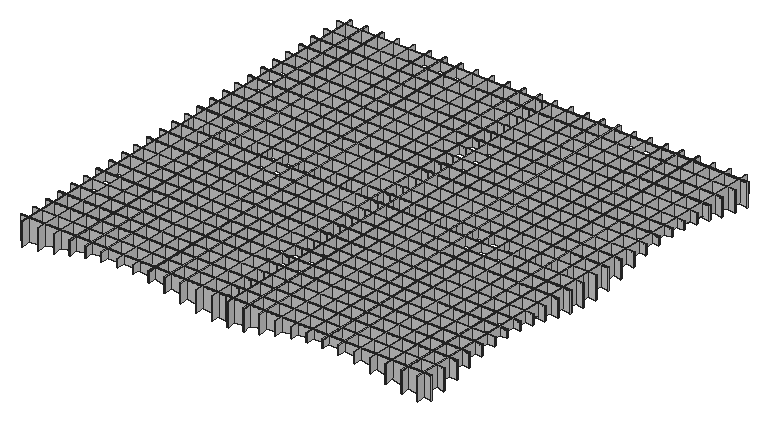
Revit family "CLD-WFL-002_RFA", category Modelos genéricos, Revit 2022 (continued)
Forms (in)
  Extrusion 47, solid
    sketch origin (0, 70.38178, 0) x (1, 0, 0) y (0, 0, 1)
      loop
        spline (20.52778, 5.32343) -> (21.26115, 5.20293) -> (21.99402, 5.07965) -> (22.72645, 4.95385) -> (23.4585, 4.82583) -> (24.19025, 4.69586) -> (24.92176, 4.56423) -> (25.65308, 4.43121) -> (26.38429, 4.29709) -> (27.11544, 4.16214) -> (27.84661, 4.02665) -> (28.57785, 3.8909) -> (29.30922, 3.75516)
        spline (29.30922, 3.75516) -> (29.95995, 3.63466) -> (30.61094, 3.51485) -> (31.26223, 3.39599) -> (31.91387, 3.2783) -> (32.56591, 3.16206) -> (33.21841, 3.04749) -> (33.87141, 2.93486) -> (34.52497, 2.8244) -> (35.17914, 2.71637) -> (35.83396, 2.61101) -> (36.48949, 2.50857) -> (37.14578, 2.4093)
        spline (37.14578, 2.4093) -> (37.87194, 2.30632) -> (38.59907, 2.20751) -> (39.32723, 2.11315) -> (40.05647, 2.02349) -> (40.78684, 1.93878) -> (41.51831, 1.85902) -> (42.25083, 1.78415) -> (42.98434, 1.71406) -> (43.71879, 1.64869) -> (44.45413, 1.58794) -> (45.19029, 1.53174) -> (45.92722, 1.47999)
        spline (45.92722, 1.47999) -> (46.57816, 1.44092) -> (47.22964, 1.40553) -> (47.88162, 1.37376) -> (48.53404, 1.34552) -> (49.18687, 1.32076) -> (49.84004, 1.2994) -> (50.49352, 1.28136) -> (51.14725, 1.26658) -> (51.80119, 1.25497) -> (52.45529, 1.24648) -> (53.1095, 1.24101) -> (53.76378, 1.23852)
        spline (53.76378, 1.23852) -> (54.49695, 1.24145) -> (55.23005, 1.2477) -> (55.96302, 1.25736) -> (56.69581, 1.2705) -> (57.42836, 1.2872) -> (58.16063, 1.30755) -> (58.89256, 1.33163) -> (59.62409, 1.35951) -> (60.35518, 1.39128) -> (61.08577, 1.42702) -> (61.8158, 1.46681) -> (62.54522, 1.51073)
        spline (62.54522, 1.51073) -> (63.20286, 1.5569) -> (63.85981, 1.60706) -> (64.51602, 1.66127) -> (65.17144, 1.7196) -> (65.82603, 1.78214) -> (66.47973, 1.84896) -> (67.1325, 1.92013) -> (67.78428, 1.99572) -> (68.43505, 2.07573) -> (69.08486, 2.15994) -> (69.73376, 2.24811) -> (70.38178, 2.34001)
        spline (70.38178, 2.34001) -> (71.11719, 2.45082) -> (71.85175, 2.56518) -> (72.58552, 2.6828) -> (73.31856, 2.80343) -> (74.05092, 2.92677) -> (74.78266, 3.05256) -> (75.51384, 3.1805) -> (76.2445, 3.31033) -> (76.97472, 3.44177) -> (77.70454, 3.57454) -> (78.43402, 3.70836) -> (79.16322, 3.84296)
        spline (79.16322, 3.84296) -> (79.81589, 3.96449) -> (80.46845, 4.08604) -> (81.12094, 4.20735) -> (81.77342, 4.32817) -> (82.42595, 4.44826) -> (83.07858, 4.56736) -> (83.73137, 4.68523) -> (84.38439, 4.80161) -> (85.03768, 4.91625) -> (85.6913, 5.02891) -> (86.34531, 5.13933) -> (86.99978, 5.24726)
        spline (86.99978, 5.24726) -> (87.72678, 5.36123) -> (88.45444, 5.47173) -> (89.18283, 5.57848) -> (89.91201, 5.68121) -> (90.64203, 5.77964) -> (91.37298, 5.87351) -> (92.10489, 5.96254) -> (92.83785, 6.04646) -> (93.5719, 6.125) -> (94.30712, 6.19789) -> (95.04356, 6.26486) -> (95.78122, 6.32579)
        spline (95.78122, 6.32579) -> (96.46987, 6.37175) -> (97.15943, 6.41238) -> (97.84985, 6.44778) -> (98.54104, 6.47801) -> (99.23294, 6.50316) -> (99.92548, 6.5233) -> (100.61859, 6.53851) -> (101.3122, 6.54886) -> (102.00624, 6.55445) -> (102.70063, 6.55534) -> (103.39532, 6.55161) -> (104.09022, 6.54334)
        spline (104.09022, 6.54334) -> (104.41609, 6.5372) -> (104.74197, 6.53005) -> (105.06787, 6.52189) -> (105.39376, 6.51274) -> (105.71965, 6.50259) -> (106.04553, 6.49146) -> (106.37138, 6.47935) -> (106.6972, 6.46628) -> (107.02298, 6.45226) -> (107.34871, 6.43729) -> (107.67439, 6.42139) -> (108, 6.40455)
        line (108, 6.40455) -> (108, 11.82144)
    from -0.47244 to 0
  Extrusion 48, solid
    sketch origin (0, 70.85422, 0) x (1, 0, 0) y (0, 0, 1)
      loop
        line (108, 11.82144) -> (0, 11.82144) -> (0, 6.40455)
        spline (0, 6.40455) -> (0.32561, 6.42139) -> (0.65129, 6.43729) -> (0.97702, 6.45226) -> (1.3028, 6.46628) -> (1.62862, 6.47935) -> (1.95447, 6.49146) -> (2.28035, 6.50259) -> (2.60624, 6.51274) -> (2.93213, 6.52189) -> (3.25803, 6.53005) -> (3.58391, 6.5372) -> (3.90978, 6.54334)
        spline (3.90978, 6.54334) -> (4.64427, 6.55011) -> (5.37852, 6.55208) -> (6.11244, 6.54917) -> (6.84598, 6.5413) -> (7.57905, 6.52839) -> (8.31157, 6.51035) -> (9.04349, 6.4871) -> (9.77471, 6.45856) -> (10.50517, 6.42465) -> (11.23479, 6.38528) -> (11.9635, 6.34038) -> (12.69122, 6.28985)
        spline (12.69122, 6.28985) -> (13.34952, 6.23514) -> (14.00673, 6.17505) -> (14.66285, 6.10968) -> (15.31792, 6.03926) -> (15.97202, 5.96405) -> (16.62518, 5.88427) -> (17.27747, 5.80017) -> (17.92894, 5.712) -> (18.57965, 5.62) -> (19.22966, 5.52441) -> (19.87902, 5.42547) -> (20.52778, 5.32343)
        spline (20.52778, 5.32343) -> (21.26115, 5.20293) -> (21.99402, 5.07965) -> (22.72645, 4.95385) -> (23.4585, 4.82583) -> (24.19025, 4.69586) -> (24.92176, 4.56423) -> (25.65308, 4.43121) -> (26.38429, 4.29709) -> (27.11544, 4.16214) -> (27.84661, 4.02665) -> (28.57785, 3.8909) -> (29.30922, 3.75516)
        spline (29.30922, 3.75516) -> (29.95995, 3.63466) -> (30.61094, 3.51485) -> (31.26223, 3.39599) -> (31.91387, 3.2783) -> (32.56591, 3.16206) -> (33.21841, 3.04749) -> (33.87141, 2.93486) -> (34.52497, 2.8244) -> (35.17914, 2.71637) -> (35.83396, 2.61101) -> (36.48949, 2.50857) -> (37.14578, 2.4093)
        spline (37.14578, 2.4093) -> (37.87194, 2.30632) -> (38.59907, 2.20751) -> (39.32723, 2.11315) -> (40.05647, 2.02349) -> (40.78684, 1.93878) -> (41.51831, 1.85902) -> (42.25083, 1.78415) -> (42.98434, 1.71406) -> (43.71879, 1.64869) -> (44.45413, 1.58794) -> (45.19029, 1.53174) -> (45.92722, 1.47999)
        spline (45.92722, 1.47999) -> (46.57816, 1.44092) -> (47.22964, 1.40553) -> (47.88162, 1.37376) -> (48.53404, 1.34552) -> (49.18687, 1.32076) -> (49.84004, 1.2994) -> (50.49352, 1.28136) -> (51.14725, 1.26658) -> (51.80119, 1.25497) -> (52.45529, 1.24648) -> (53.1095, 1.24101) -> (53.76378, 1.23852)
        spline (53.76378, 1.23852) -> (54.49695, 1.24145) -> (55.23005, 1.2477) -> (55.96302, 1.25736) -> (56.69581, 1.2705) -> (57.42836, 1.2872) -> (58.16063, 1.30755) -> (58.89256, 1.33163) -> (59.62409, 1.35951) -> (60.35518, 1.39128) -> (61.08577, 1.42702) -> (61.8158, 1.46681) -> (62.54522, 1.51073)
        spline (62.54522, 1.51073) -> (63.20286, 1.5569) -> (63.85981, 1.60706) -> (64.51602, 1.66127) -> (65.17144, 1.7196) -> (65.82603, 1.78214) -> (66.47973, 1.84896) -> (67.1325, 1.92013) -> (67.78428, 1.99572) -> (68.43505, 2.07573) -> (69.08486, 2.15994) -> (69.73376, 2.24811) -> (70.38178, 2.34001)
        spline (70.38178, 2.34001) -> (71.11719, 2.45082) -> (71.85175, 2.56518) -> (72.58552, 2.6828) -> (73.31856, 2.80343) -> (74.05092, 2.92677) -> (74.78266, 3.05256) -> (75.51384, 3.1805) -> (76.2445, 3.31033) -> (76.97472, 3.44177) -> (77.70454, 3.57454) -> (78.43402, 3.70836) -> (79.16322, 3.84296)
        spline (79.16322, 3.84296) -> (79.81589, 3.96449) -> (80.46845, 4.08604) -> (81.12094, 4.20735) -> (81.77342, 4.32817) -> (82.42595, 4.44826) -> (83.07858, 4.56736) -> (83.73137, 4.68523) -> (84.38439, 4.80161) -> (85.03768, 4.91625) -> (85.6913, 5.02891) -> (86.34531, 5.13933) -> (86.99978, 5.24726)
        spline (86.99978, 5.24726) -> (87.72678, 5.36123) -> (88.45444, 5.47173) -> (89.18283, 5.57848) -> (89.91201, 5.68121) -> (90.64203, 5.77964) -> (91.37298, 5.87351) -> (92.10489, 5.96254) -> (92.83785, 6.04646) -> (93.5719, 6.125) -> (94.30712, 6.19789) -> (95.04356, 6.26486) -> (95.78122, 6.32579)
        spline (95.78122, 6.32579) -> (96.46987, 6.37175) -> (97.15943, 6.41238) -> (97.84985, 6.44778) -> (98.54104, 6.47801) -> (99.23294, 6.50316) -> (99.92548, 6.5233) -> (100.61859, 6.53851) -> (101.3122, 6.54886) -> (102.00624, 6.55445) -> (102.70063, 6.55534) -> (103.39532, 6.55161) -> (104.09022, 6.54334)
        spline (104.09022, 6.54334) -> (104.41609, 6.5372) -> (104.74197, 6.53005) -> (105.06787, 6.52189) -> (105.39376, 6.51274) -> (105.71965, 6.50259) -> (106.04553, 6.49146) -> (106.37138, 6.47935) -> (106.6972, 6.46628) -> (107.02298, 6.45226) -> (107.34871, 6.43729) -> (107.67439, 6.42139) -> (108, 6.40455)
        line (108, 6.40455) -> (108, 11.82144)
    from -0.11811 to 0
  Extrusion 49, solid
    sketch origin (0, 78.57267, 0) x (1, 0, 0) y (0, 0, 1)
      loop
        line (108, 11.82144) -> (0, 11.82144) -> (0, 4.58891)
        spline (0, 4.58891) -> (0.32561, 4.62796) -> (0.65129, 4.66617) -> (0.97702, 4.70353) -> (1.3028, 4.74004) -> (1.62862, 4.77569) -> (1.95447, 4.81048) -> (2.28035, 4.84439) -> (2.60624, 4.87743) -> (2.93213, 4.90957) -> (3.25803, 4.94083) -> (3.58391, 4.97119) -> (3.90978, 5.00064)
        spline (3.90978, 5.00064) -> (4.64427, 5.06081) -> (5.37851, 5.11675) -> (6.11244, 5.16838) -> (6.84597, 5.21566) -> (7.57904, 5.25851) -> (8.31157, 5.29688) -> (9.04348, 5.33072) -> (9.7747, 5.35995) -> (10.50516, 5.38452) -> (11.23478, 5.40437) -> (11.96349, 5.41944) -> (12.69122, 5.42966)
        spline (12.69122, 5.42966) -> (13.34952, 5.43128) -> (14.00673, 5.42829) -> (14.66285, 5.42076) -> (15.31792, 5.40886) -> (15.97202, 5.39278) -> (16.62518, 5.37269) -> (17.27747, 5.34877) -> (17.92894, 5.32119) -> (18.57965, 5.29014) -> (19.22966, 5.2558) -> (19.87902, 5.21833) -> (20.52778, 5.17793)
        spline (20.52778, 5.17793) -> (21.26115, 5.12722) -> (21.99402, 5.0737) -> (22.72645, 5.01759) -> (23.45851, 4.95908) -> (24.19025, 4.89838) -> (24.92176, 4.8357) -> (25.65308, 4.77124) -> (26.38429, 4.70521) -> (27.11544, 4.63782) -> (27.84661, 4.56926) -> (28.57785, 4.49975) -> (29.30922, 4.42949)
        spline (29.30922, 4.42949) -> (29.95995, 4.366) -> (30.61094, 4.30234) -> (31.26223, 4.2387) -> (31.91387, 4.17525) -> (32.56591, 4.11218) -> (33.21841, 4.04966) -> (33.87141, 3.98789) -> (34.52497, 3.92703) -> (35.17914, 3.86728) -> (35.83396, 3.80881) -> (36.48949, 3.75181) -> (37.14578, 3.69645)
        spline (37.14578, 3.69645) -> (37.87194, 3.63892) -> (38.59907, 3.58371) -> (39.32723, 3.53102) -> (40.05647, 3.48105) -> (40.78684, 3.43397) -> (41.51831, 3.38979) -> (42.25083, 3.34845) -> (42.98434, 3.30989) -> (43.7188, 3.27405) -> (44.45413, 3.24086) -> (45.19029, 3.21027) -> (45.92722, 3.18221)
        spline (45.92722, 3.18221) -> (46.57816, 3.16116) -> (47.22964, 3.14217) -> (47.88162, 3.12519) -> (48.53404, 3.11017) -> (49.18687, 3.09705) -> (49.84004, 3.08579) -> (50.49352, 3.07632) -> (51.14725, 3.06859) -> (51.80119, 3.06255) -> (52.45529, 3.05816) -> (53.1095, 3.05535) -> (53.76378, 3.05407)
        spline (53.76378, 3.05407) -> (54.49695, 3.0556) -> (55.23004, 3.05885) -> (55.96301, 3.06387) -> (56.6958, 3.07073) -> (57.42836, 3.07948) -> (58.16062, 3.09019) -> (58.89255, 3.10292) -> (59.62409, 3.11771) -> (60.35517, 3.13464) -> (61.08576, 3.15376) -> (61.81579, 3.17514) -> (62.54522, 3.19882)
        spline (62.54522, 3.19882) -> (63.20286, 3.22386) -> (63.85981, 3.25117) -> (64.51602, 3.28078) -> (65.17144, 3.31277) -> (65.82603, 3.34719) -> (66.47973, 3.38408) -> (67.1325, 3.42351) -> (67.78428, 3.46553) -> (68.43505, 3.51013) -> (69.08486, 3.55715) -> (69.73376, 3.60642) -> (70.38178, 3.65777)
        spline (70.38178, 3.65777) -> (71.1172, 3.71948) -> (71.85176, 3.78304) -> (72.58554, 3.84824) -> (73.31858, 3.91488) -> (74.05094, 3.98275) -> (74.78268, 4.05166) -> (75.51385, 4.12139) -> (76.24452, 4.19176) -> (76.97473, 4.26254) -> (77.70455, 4.33354) -> (78.43403, 4.40456) -> (79.16322, 4.47539)
        spline (79.16322, 4.47539) -> (79.80403, 4.53723) -> (80.44473, 4.59841) -> (81.08536, 4.65876) -> (81.72599, 4.7181) -> (82.36666, 4.77623) -> (83.00743, 4.83299) -> (83.64836, 4.88819) -> (84.28951, 4.94166) -> (84.93093, 4.9932) -> (85.57267, 5.04265) -> (86.21481, 5.08982) -> (86.85738, 5.13453)
        spline (86.85738, 5.13453) -> (87.59614, 5.18092) -> (88.33559, 5.22395) -> (89.07577, 5.26344) -> (89.81676, 5.29917) -> (90.55862, 5.33094) -> (91.30141, 5.35856) -> (92.04519, 5.38181) -> (92.79004, 5.4005) -> (93.53601, 5.41442) -> (94.28316, 5.42338) -> (95.03157, 5.42716) -> (95.78122, 5.4257)
        spline (95.78122, 5.4257) -> (96.43065, 5.41648) -> (97.08095, 5.40294) -> (97.73207, 5.38513) -> (98.38393, 5.36311) -> (99.03648, 5.33693) -> (99.68963, 5.30665) -> (100.34334, 5.27231) -> (100.99753, 5.23398) -> (101.65213, 5.19169) -> (102.30709, 5.14552) -> (102.96233, 5.09551) -> (103.61778, 5.04172)
        spline (103.61778, 5.04172) -> (103.98301, 5.00943) -> (104.34827, 4.97613) -> (104.71354, 4.94182) -> (105.07881, 4.90651) -> (105.44407, 4.8702) -> (105.80932, 4.83291) -> (106.17455, 4.79465) -> (106.53974, 4.75541) -> (106.90489, 4.71521) -> (107.26999, 4.67406) -> (107.63503, 4.63196) -> (108, 4.58891)
        line (108, 4.58891) -> (108, 11.82144)
    from -0.11811 to 0
  Extrusion 50, solid
    sketch origin (0, 78.69078, 0) x (1, 0, 0) y (0, 0, 1)
      loop
        line (108, 11.82144) -> (0, 11.82144) -> (0, 4.58891)
        spline (0, 4.58891) -> (0.32561, 4.62796) -> (0.65129, 4.66617) -> (0.97702, 4.70353) -> (1.3028, 4.74004) -> (1.62862, 4.77569) -> (1.95447, 4.81048) -> (2.28035, 4.84439) -> (2.60624, 4.87743) -> (2.93213, 4.90957) -> (3.25803, 4.94083) -> (3.58391, 4.97119) -> (3.90978, 5.00064)
        spline (3.90978, 5.00064) -> (4.64427, 5.06081) -> (5.37851, 5.11675) -> (6.11244, 5.16838) -> (6.84597, 5.21566) -> (7.57904, 5.25851) -> (8.31157, 5.29688) -> (9.04348, 5.33072) -> (9.7747, 5.35995) -> (10.50516, 5.38452) -> (11.23478, 5.40437) -> (11.96349, 5.41944) -> (12.69122, 5.42966)
        spline (12.69122, 5.42966) -> (13.34952, 5.43128) -> (14.00673, 5.42829) -> (14.66285, 5.42076) -> (15.31792, 5.40886) -> (15.97202, 5.39278) -> (16.62518, 5.37269) -> (17.27747, 5.34877) -> (17.92894, 5.32119) -> (18.57965, 5.29014) -> (19.22966, 5.2558) -> (19.87902, 5.21833) -> (20.52778, 5.17793)
        spline (20.52778, 5.17793) -> (21.26115, 5.12722) -> (21.99402, 5.0737) -> (22.72645, 5.01759) -> (23.45851, 4.95908) -> (24.19025, 4.89838) -> (24.92176, 4.8357) -> (25.65308, 4.77124) -> (26.38429, 4.70521) -> (27.11544, 4.63782) -> (27.84661, 4.56926) -> (28.57785, 4.49975) -> (29.30922, 4.42949)
        spline (29.30922, 4.42949) -> (29.95995, 4.366) -> (30.61094, 4.30234) -> (31.26223, 4.2387) -> (31.91387, 4.17525) -> (32.56591, 4.11218) -> (33.21841, 4.04966) -> (33.87141, 3.98789) -> (34.52497, 3.92703) -> (35.17914, 3.86728) -> (35.83396, 3.80881) -> (36.48949, 3.75181) -> (37.14578, 3.69645)
        spline (37.14578, 3.69645) -> (37.87194, 3.63892) -> (38.59907, 3.58371) -> (39.32723, 3.53102) -> (40.05647, 3.48105) -> (40.78684, 3.43397) -> (41.51831, 3.38979) -> (42.25083, 3.34845) -> (42.98434, 3.30989) -> (43.7188, 3.27405) -> (44.45413, 3.24086) -> (45.19029, 3.21027) -> (45.92722, 3.18221)
        spline (45.92722, 3.18221) -> (46.57816, 3.16116) -> (47.22964, 3.14217) -> (47.88162, 3.12519) -> (48.53404, 3.11017) -> (49.18687, 3.09705) -> (49.84004, 3.08579) -> (50.49352, 3.07632) -> (51.14725, 3.06859) -> (51.80119, 3.06255) -> (52.45529, 3.05816) -> (53.1095, 3.05535) -> (53.76378, 3.05407)
        spline (53.76378, 3.05407) -> (54.49695, 3.0556) -> (55.23004, 3.05885) -> (55.96301, 3.06387) -> (56.6958, 3.07073) -> (57.42836, 3.07948) -> (58.16062, 3.09019) -> (58.89255, 3.10292) -> (59.62409, 3.11771) -> (60.35517, 3.13464) -> (61.08576, 3.15376) -> (61.81579, 3.17514) -> (62.54522, 3.19882)
        spline (62.54522, 3.19882) -> (63.20286, 3.22386) -> (63.85981, 3.25117) -> (64.51602, 3.28078) -> (65.17144, 3.31277) -> (65.82603, 3.34719) -> (66.47973, 3.38408) -> (67.1325, 3.42351) -> (67.78428, 3.46553) -> (68.43505, 3.51013) -> (69.08486, 3.55715) -> (69.73376, 3.60642) -> (70.38178, 3.65777)
        spline (70.38178, 3.65777) -> (71.1172, 3.71948) -> (71.85176, 3.78304) -> (72.58554, 3.84824) -> (73.31858, 3.91488) -> (74.05094, 3.98275) -> (74.78268, 4.05166) -> (75.51385, 4.12139) -> (76.24452, 4.19176) -> (76.97473, 4.26254) -> (77.70455, 4.33354) -> (78.43403, 4.40456) -> (79.16322, 4.47539)
        spline (79.16322, 4.47539) -> (79.80403, 4.53723) -> (80.44473, 4.59841) -> (81.08536, 4.65876) -> (81.72599, 4.7181) -> (82.36666, 4.77623) -> (83.00743, 4.83299) -> (83.64836, 4.88819) -> (84.28951, 4.94166) -> (84.93093, 4.9932) -> (85.57267, 5.04265) -> (86.21481, 5.08982) -> (86.85738, 5.13453)
        spline (86.85738, 5.13453) -> (87.59614, 5.18092) -> (88.33559, 5.22395) -> (89.07577, 5.26344) -> (89.81676, 5.29917) -> (90.55862, 5.33094) -> (91.30141, 5.35856) -> (92.04519, 5.38181) -> (92.79004, 5.4005) -> (93.53601, 5.41442) -> (94.28316, 5.42338) -> (95.03157, 5.42716) -> (95.78122, 5.4257)
        spline (95.78122, 5.4257) -> (96.43065, 5.41648) -> (97.08095, 5.40294) -> (97.73207, 5.38513) -> (98.38393, 5.36311) -> (99.03648, 5.33693) -> (99.68963, 5.30665) -> (100.34334, 5.27231) -> (100.99753, 5.23398) -> (101.65213, 5.19169) -> (102.30709, 5.14552) -> (102.96233, 5.09551) -> (103.61778, 5.04172)
        spline (103.61778, 5.04172) -> (103.98301, 5.00943) -> (104.34827, 4.97613) -> (104.71354, 4.94182) -> (105.07881, 4.90651) -> (105.44407, 4.8702) -> (105.80932, 4.83291) -> (106.17455, 4.79465) -> (106.53974, 4.75541) -> (106.90489, 4.71521) -> (107.26999, 4.67406) -> (107.63503, 4.63196) -> (108, 4.58891)
        line (108, 4.58891) -> (108, 11.82144)
    from -0.47244 to 0
  Extrusion 51, solid
    sketch origin (0, 79.16322, 0) x (1, 0, 0) y (0, 0, 1)
      loop
        line (108, 11.82144) -> (0, 11.82144) -> (0, 4.58891)
        spline (0, 4.58891) -> (0.32561, 4.62796) -> (0.65129, 4.66617) -> (0.97702, 4.70353) -> (1.3028, 4.74004) -> (1.62862, 4.77569) -> (1.95447, 4.81048) -> (2.28035, 4.84439) -> (2.60624, 4.87743) -> (2.93213, 4.90957) -> (3.25803, 4.94083) -> (3.58391, 4.97119) -> (3.90978, 5.00064)
        spline (3.90978, 5.00064) -> (4.64427, 5.06081) -> (5.37851, 5.11675) -> (6.11244, 5.16838) -> (6.84597, 5.21566) -> (7.57904, 5.25851) -> (8.31157, 5.29688) -> (9.04348, 5.33072) -> (9.7747, 5.35995) -> (10.50516, 5.38452) -> (11.23478, 5.40437) -> (11.96349, 5.41944) -> (12.69122, 5.42966)
        spline (12.69122, 5.42966) -> (13.34952, 5.43128) -> (14.00673, 5.42829) -> (14.66285, 5.42076) -> (15.31792, 5.40886) -> (15.97202, 5.39278) -> (16.62518, 5.37269) -> (17.27747, 5.34877) -> (17.92894, 5.32119) -> (18.57965, 5.29014) -> (19.22966, 5.2558) -> (19.87902, 5.21833) -> (20.52778, 5.17793)
        spline (20.52778, 5.17793) -> (21.26115, 5.12722) -> (21.99402, 5.0737) -> (22.72645, 5.01759) -> (23.45851, 4.95908) -> (24.19025, 4.89838) -> (24.92176, 4.8357) -> (25.65308, 4.77124) -> (26.38429, 4.70521) -> (27.11544, 4.63782) -> (27.84661, 4.56926) -> (28.57785, 4.49975) -> (29.30922, 4.42949)
        spline (29.30922, 4.42949) -> (29.95995, 4.366) -> (30.61094, 4.30234) -> (31.26223, 4.2387) -> (31.91387, 4.17525) -> (32.56591, 4.11218) -> (33.21841, 4.04966) -> (33.87141, 3.98789) -> (34.52497, 3.92703) -> (35.17914, 3.86728) -> (35.83396, 3.80881) -> (36.48949, 3.75181) -> (37.14578, 3.69645)
        spline (37.14578, 3.69645) -> (37.87194, 3.63892) -> (38.59907, 3.58371) -> (39.32723, 3.53102) -> (40.05647, 3.48105) -> (40.78684, 3.43397) -> (41.51831, 3.38979) -> (42.25083, 3.34845) -> (42.98434, 3.30989) -> (43.7188, 3.27405) -> (44.45413, 3.24086) -> (45.19029, 3.21027) -> (45.92722, 3.18221)
        spline (45.92722, 3.18221) -> (46.57816, 3.16116) -> (47.22964, 3.14217) -> (47.88162, 3.12519) -> (48.53404, 3.11017) -> (49.18687, 3.09705) -> (49.84004, 3.08579) -> (50.49352, 3.07632) -> (51.14725, 3.06859) -> (51.80119, 3.06255) -> (52.45529, 3.05816) -> (53.1095, 3.05535) -> (53.76378, 3.05407)
        spline (53.76378, 3.05407) -> (54.49695, 3.0556) -> (55.23004, 3.05885) -> (55.96301, 3.06387) -> (56.6958, 3.07073) -> (57.42836, 3.07948) -> (58.16062, 3.09019) -> (58.89255, 3.10292) -> (59.62409, 3.11771) -> (60.35517, 3.13464) -> (61.08576, 3.15376) -> (61.81579, 3.17514) -> (62.54522, 3.19882)
        spline (62.54522, 3.19882) -> (63.20286, 3.22386) -> (63.85981, 3.25117) -> (64.51602, 3.28078) -> (65.17144, 3.31277) -> (65.82603, 3.34719) -> (66.47973, 3.38408) -> (67.1325, 3.42351) -> (67.78428, 3.46553) -> (68.43505, 3.51013) -> (69.08486, 3.55715) -> (69.73376, 3.60642) -> (70.38178, 3.65777)
        spline (70.38178, 3.65777) -> (71.1172, 3.71948) -> (71.85176, 3.78304) -> (72.58554, 3.84824) -> (73.31858, 3.91488) -> (74.05094, 3.98275) -> (74.78268, 4.05166) -> (75.51385, 4.12139) -> (76.24452, 4.19176) -> (76.97473, 4.26254) -> (77.70455, 4.33354) -> (78.43403, 4.40456) -> (79.16322, 4.47539)
        spline (79.16322, 4.47539) -> (79.80403, 4.53723) -> (80.44473, 4.59841) -> (81.08536, 4.65876) -> (81.72599, 4.7181) -> (82.36666, 4.77623) -> (83.00743, 4.83299) -> (83.64836, 4.88819) -> (84.28951, 4.94166) -> (84.93093, 4.9932) -> (85.57267, 5.04265) -> (86.21481, 5.08982) -> (86.85738, 5.13453)
        spline (86.85738, 5.13453) -> (87.59614, 5.18092) -> (88.33559, 5.22395) -> (89.07577, 5.26344) -> (89.81676, 5.29917) -> (90.55862, 5.33094) -> (91.30141, 5.35856) -> (92.04519, 5.38181) -> (92.79004, 5.4005) -> (93.53601, 5.41442) -> (94.28316, 5.42338) -> (95.03157, 5.42716) -> (95.78122, 5.4257)
        spline (95.78122, 5.4257) -> (96.43065, 5.41648) -> (97.08095, 5.40294) -> (97.73207, 5.38513) -> (98.38393, 5.36311) -> (99.03648, 5.33693) -> (99.68963, 5.30665) -> (100.34334, 5.27231) -> (100.99753, 5.23398) -> (101.65213, 5.19169) -> (102.30709, 5.14552) -> (102.96233, 5.09551) -> (103.61778, 5.04172)
        spline (103.61778, 5.04172) -> (103.98301, 5.00943) -> (104.34827, 4.97613) -> (104.71354, 4.94182) -> (105.07881, 4.90651) -> (105.44407, 4.8702) -> (105.80932, 4.83291) -> (106.17455, 4.79465) -> (106.53974, 4.75541) -> (106.90489, 4.71521) -> (107.26999, 4.67406) -> (107.63503, 4.63196) -> (108, 4.58891)
        line (108, 4.58891) -> (108, 11.82144)
    from -0.11811 to 0
  Extrusion 52, solid
    sketch origin (0, 86.88167, 0) x (1, 0, 0) y (0, 0, 1)
      loop
        line (108, 11.82144) -> (0, 11.82144) -> (0, 2.55729)
        spline (0, 2.55729) -> (0.32561, 2.61504) -> (0.65129, 2.67215) -> (0.97702, 2.72862) -> (1.3028, 2.78445) -> (1.62862, 2.83963) -> (1.95447, 2.89415) -> (2.28035, 2.94802) -> (2.60624, 3.00123) -> (2.93213, 3.05379) -> (3.25803, 3.10567) -> (3.58391, 3.15689) -> (3.90978, 3.20744)
        spline (3.90978, 3.20744) -> (4.64427, 3.31686) -> (5.37851, 3.42317) -> (6.11243, 3.52634) -> (6.84596, 3.62635) -> (7.57903, 3.72316) -> (8.31156, 3.81675) -> (9.04347, 3.90709) -> (9.77469, 3.99415) -> (10.50515, 4.07789) -> (11.23478, 4.1583) -> (11.96349, 4.23534) -> (12.69122, 4.30898)
        spline (12.69122, 4.30898) -> (13.34952, 4.37039) -> (14.00673, 4.4286) -> (14.66285, 4.48364) -> (15.31792, 4.53559) -> (15.97202, 4.58455) -> (16.62518, 4.63059) -> (17.27747, 4.67381) -> (17.92894, 4.71429) -> (18.57965, 4.75212) -> (19.22966, 4.78738) -> (19.87902, 4.82016) -> (20.52778, 4.85054)
        spline (20.52778, 4.85054) -> (21.26115, 4.88062) -> (21.99402, 4.90823) -> (22.72646, 4.93347) -> (23.45851, 4.95644) -> (24.19026, 4.97724) -> (24.92176, 4.99598) -> (25.65309, 5.01275) -> (26.38429, 5.02764) -> (27.11545, 5.04077) -> (27.84661, 5.05223) -> (28.57785, 5.06211) -> (29.30922, 5.07053)
        spline (29.30922, 5.07053) -> (29.95995, 5.07584) -> (30.61094, 5.08009) -> (31.26223, 5.08336) -> (31.91387, 5.08574) -> (32.56591, 5.08733) -> (33.21841, 5.0882) -> (33.87141, 5.08846) -> (34.52497, 5.08817) -> (35.17914, 5.08744) -> (35.83396, 5.08636) -> (36.48949, 5.085) -> (37.14578, 5.08346)
        spline (37.14578, 5.08346) -> (37.87194, 5.08165) -> (38.59907, 5.0799) -> (39.32723, 5.0783) -> (40.05647, 5.07696) -> (40.78684, 5.07594) -> (41.51831, 5.07527) -> (42.25083, 5.07491) -> (42.98434, 5.07483) -> (43.7188, 5.075) -> (44.45413, 5.07538) -> (45.19029, 5.07596) -> (45.92722, 5.0767)
        spline (45.92722, 5.0767) -> (46.57816, 5.07753) -> (47.22964, 5.07843) -> (47.88162, 5.07937) -> (48.53404, 5.08033) -> (49.18687, 5.08128) -> (49.84004, 5.0822) -> (50.49352, 5.08306) -> (51.14725, 5.08383) -> (51.80119, 5.0845) -> (52.45529, 5.08503) -> (53.1095, 5.0854) -> (53.76378, 5.08558)
        spline (53.76378, 5.08558) -> (54.49695, 5.08542) -> (55.23004, 5.08505) -> (55.96301, 5.0845) -> (56.6958, 5.0838) -> (57.42835, 5.08298) -> (58.16062, 5.08206) -> (58.89255, 5.08107) -> (59.62408, 5.08005) -> (60.35517, 5.07902) -> (61.08576, 5.07801) -> (61.81579, 5.07705) -> (62.54522, 5.07616)
        spline (62.54522, 5.07616) -> (63.20286, 5.07551) -> (63.85981, 5.075) -> (64.51602, 5.07466) -> (65.17144, 5.07452) -> (65.82603, 5.0746) -> (66.47973, 5.07493) -> (67.1325, 5.07554) -> (67.78428, 5.07645) -> (68.43505, 5.07766) -> (69.08486, 5.07909) -> (69.73376, 5.08066) -> (70.38178, 5.08229)
        spline (70.38178, 5.08229) -> (71.1172, 5.08386) -> (71.85177, 5.08523) -> (72.58555, 5.08629) -> (73.31859, 5.08695) -> (74.05095, 5.08712) -> (74.78269, 5.08668) -> (75.51386, 5.08555) -> (76.24453, 5.08362) -> (76.97474, 5.08079) -> (77.70455, 5.07697) -> (78.43403, 5.07206) -> (79.16322, 5.06596)
        spline (79.16322, 5.06596) -> (79.81589, 5.05858) -> (80.46845, 5.04989) -> (81.12094, 5.0398) -> (81.77342, 5.02821) -> (82.42595, 5.01505) -> (83.07858, 5.00022) -> (83.73137, 4.98363) -> (84.38439, 4.9652) -> (85.03768, 4.94483) -> (85.6913, 4.92244) -> (86.34531, 4.89793) -> (86.99978, 4.87123)
        spline (86.99978, 4.87123) -> (87.72677, 4.83707) -> (88.45442, 4.80022) -> (89.18281, 4.7606) -> (89.91198, 4.7181) -> (90.642, 4.67263) -> (91.37294, 4.62408) -> (92.10486, 4.57237) -> (92.83781, 4.5174) -> (93.57187, 4.45907) -> (94.3071, 4.39728) -> (95.04355, 4.33194) -> (95.78122, 4.26301)
        spline (95.78122, 4.26301) -> (96.43065, 4.19725) -> (97.08095, 4.12847) -> (97.73207, 4.05667) -> (98.38393, 3.9819) -> (99.03648, 3.90417) -> (99.68963, 3.82352) -> (100.34334, 3.73996) -> (100.99753, 3.65352) -> (101.65213, 3.56424) -> (102.30709, 3.47213) -> (102.96233, 3.37722) -> (103.61778, 3.27954)
        spline (103.61778, 3.27954) -> (103.98302, 3.22342) -> (104.34828, 3.16655) -> (104.71355, 3.10893) -> (105.07882, 3.05057) -> (105.44409, 2.99146) -> (105.80934, 2.93162) -> (106.17456, 2.87105) -> (106.53976, 2.80974) -> (106.9049, 2.74771) -> (107.27, 2.68496) -> (107.63504, 2.62148) -> (108, 2.55729)
        line (108, 2.55729) -> (108, 11.82144)
    from -0.11811 to 0
  Extrusion 53, solid
    sketch origin (0, 86.99978, 0) x (1, 0, 0) y (0, 0, 1)
      loop
        line (108, 11.82144) -> (0, 11.82144) -> (0, 2.55729)
        spline (0, 2.55729) -> (0.32561, 2.61504) -> (0.65129, 2.67215) -> (0.97702, 2.72862) -> (1.3028, 2.78445) -> (1.62862, 2.83963) -> (1.95447, 2.89415) -> (2.28035, 2.94802) -> (2.60624, 3.00123) -> (2.93213, 3.05379) -> (3.25803, 3.10567) -> (3.58391, 3.15689) -> (3.90978, 3.20744)
        spline (3.90978, 3.20744) -> (4.64427, 3.31686) -> (5.37851, 3.42317) -> (6.11243, 3.52634) -> (6.84596, 3.62635) -> (7.57903, 3.72316) -> (8.31156, 3.81675) -> (9.04347, 3.90709) -> (9.77469, 3.99415) -> (10.50515, 4.07789) -> (11.23478, 4.1583) -> (11.96349, 4.23534) -> (12.69122, 4.30898)
        spline (12.69122, 4.30898) -> (13.34952, 4.37039) -> (14.00673, 4.4286) -> (14.66285, 4.48364) -> (15.31792, 4.53559) -> (15.97202, 4.58455) -> (16.62518, 4.63059) -> (17.27747, 4.67381) -> (17.92894, 4.71429) -> (18.57965, 4.75212) -> (19.22966, 4.78738) -> (19.87902, 4.82016) -> (20.52778, 4.85054)
        spline (20.52778, 4.85054) -> (21.26115, 4.88062) -> (21.99402, 4.90823) -> (22.72646, 4.93347) -> (23.45851, 4.95644) -> (24.19026, 4.97724) -> (24.92176, 4.99598) -> (25.65309, 5.01275) -> (26.38429, 5.02764) -> (27.11545, 5.04077) -> (27.84661, 5.05223) -> (28.57785, 5.06211) -> (29.30922, 5.07053)
        spline (29.30922, 5.07053) -> (29.95995, 5.07584) -> (30.61094, 5.08009) -> (31.26223, 5.08336) -> (31.91387, 5.08574) -> (32.56591, 5.08733) -> (33.21841, 5.0882) -> (33.87141, 5.08846) -> (34.52497, 5.08817) -> (35.17914, 5.08744) -> (35.83396, 5.08636) -> (36.48949, 5.085) -> (37.14578, 5.08346)
        spline (37.14578, 5.08346) -> (37.87194, 5.08165) -> (38.59907, 5.0799) -> (39.32723, 5.0783) -> (40.05647, 5.07696) -> (40.78684, 5.07594) -> (41.51831, 5.07527) -> (42.25083, 5.07491) -> (42.98434, 5.07483) -> (43.7188, 5.075) -> (44.45413, 5.07538) -> (45.19029, 5.07596) -> (45.92722, 5.0767)
        spline (45.92722, 5.0767) -> (46.57816, 5.07753) -> (47.22964, 5.07843) -> (47.88162, 5.07937) -> (48.53404, 5.08033) -> (49.18687, 5.08128) -> (49.84004, 5.0822) -> (50.49352, 5.08306) -> (51.14725, 5.08383) -> (51.80119, 5.0845) -> (52.45529, 5.08503) -> (53.1095, 5.0854) -> (53.76378, 5.08558)
        spline (53.76378, 5.08558) -> (54.49695, 5.08542) -> (55.23004, 5.08505) -> (55.96301, 5.0845) -> (56.6958, 5.0838) -> (57.42835, 5.08298) -> (58.16062, 5.08206) -> (58.89255, 5.08107) -> (59.62408, 5.08005) -> (60.35517, 5.07902) -> (61.08576, 5.07801) -> (61.81579, 5.07705) -> (62.54522, 5.07616)
        spline (62.54522, 5.07616) -> (63.20286, 5.07551) -> (63.85981, 5.075) -> (64.51602, 5.07466) -> (65.17144, 5.07452) -> (65.82603, 5.0746) -> (66.47973, 5.07493) -> (67.1325, 5.07554) -> (67.78428, 5.07645) -> (68.43505, 5.07766) -> (69.08486, 5.07909) -> (69.73376, 5.08066) -> (70.38178, 5.08229)
        spline (70.38178, 5.08229) -> (71.1172, 5.08386) -> (71.85177, 5.08523) -> (72.58555, 5.08629) -> (73.31859, 5.08695) -> (74.05095, 5.08712) -> (74.78269, 5.08668) -> (75.51386, 5.08555) -> (76.24453, 5.08362) -> (76.97474, 5.08079) -> (77.70455, 5.07697) -> (78.43403, 5.07206) -> (79.16322, 5.06596)
        spline (79.16322, 5.06596) -> (79.81589, 5.05858) -> (80.46845, 5.04989) -> (81.12094, 5.0398) -> (81.77342, 5.02821) -> (82.42595, 5.01505) -> (83.07858, 5.00022) -> (83.73137, 4.98363) -> (84.38439, 4.9652) -> (85.03768, 4.94483) -> (85.6913, 4.92244) -> (86.34531, 4.89793) -> (86.99978, 4.87123)
        spline (86.99978, 4.87123) -> (87.72677, 4.83707) -> (88.45442, 4.80022) -> (89.18281, 4.7606) -> (89.91198, 4.7181) -> (90.642, 4.67263) -> (91.37294, 4.62408) -> (92.10486, 4.57237) -> (92.83781, 4.5174) -> (93.57187, 4.45907) -> (94.3071, 4.39728) -> (95.04355, 4.33194) -> (95.78122, 4.26301)
        spline (95.78122, 4.26301) -> (96.43065, 4.19725) -> (97.08095, 4.12847) -> (97.73207, 4.05667) -> (98.38393, 3.9819) -> (99.03648, 3.90417) -> (99.68963, 3.82352) -> (100.34334, 3.73996) -> (100.99753, 3.65352) -> (101.65213, 3.56424) -> (102.30709, 3.47213) -> (102.96233, 3.37722) -> (103.61778, 3.27954)
        spline (103.61778, 3.27954) -> (103.98302, 3.22342) -> (104.34828, 3.16655) -> (104.71355, 3.10893) -> (105.07882, 3.05057) -> (105.44409, 2.99146) -> (105.80934, 2.93162) -> (106.17456, 2.87105) -> (106.53976, 2.80974) -> (106.9049, 2.74771) -> (107.27, 2.68496) -> (107.63504, 2.62148) -> (108, 2.55729)
        line (108, 2.55729) -> (108, 11.82144)
    from -0.47244 to 0
  Extrusion 54, solid
    sketch origin (0, 87.47222, 0) x (1, 0, 0) y (0, 0, 1)
      loop
        line (108, 11.82144) -> (0, 11.82144) -> (0, 2.55729)
        spline (0, 2.55729) -> (0.32561, 2.61504) -> (0.65129, 2.67215) -> (0.97702, 2.72862) -> (1.3028, 2.78445) -> (1.62862, 2.83963) -> (1.95447, 2.89415) -> (2.28035, 2.94802) -> (2.60624, 3.00123) -> (2.93213, 3.05379) -> (3.25803, 3.10567) -> (3.58391, 3.15689) -> (3.90978, 3.20744)
        spline (3.90978, 3.20744) -> (4.64427, 3.31686) -> (5.37851, 3.42317) -> (6.11243, 3.52634) -> (6.84596, 3.62635) -> (7.57903, 3.72316) -> (8.31156, 3.81675) -> (9.04347, 3.90709) -> (9.77469, 3.99415) -> (10.50515, 4.07789) -> (11.23478, 4.1583) -> (11.96349, 4.23534) -> (12.69122, 4.30898)
        spline (12.69122, 4.30898) -> (13.34952, 4.37039) -> (14.00673, 4.4286) -> (14.66285, 4.48364) -> (15.31792, 4.53559) -> (15.97202, 4.58455) -> (16.62518, 4.63059) -> (17.27747, 4.67381) -> (17.92894, 4.71429) -> (18.57965, 4.75212) -> (19.22966, 4.78738) -> (19.87902, 4.82016) -> (20.52778, 4.85054)
        spline (20.52778, 4.85054) -> (21.26115, 4.88062) -> (21.99402, 4.90823) -> (22.72646, 4.93347) -> (23.45851, 4.95644) -> (24.19026, 4.97724) -> (24.92176, 4.99598) -> (25.65309, 5.01275) -> (26.38429, 5.02764) -> (27.11545, 5.04077) -> (27.84661, 5.05223) -> (28.57785, 5.06211) -> (29.30922, 5.07053)
        spline (29.30922, 5.07053) -> (29.95995, 5.07584) -> (30.61094, 5.08009) -> (31.26223, 5.08336) -> (31.91387, 5.08574) -> (32.56591, 5.08733) -> (33.21841, 5.0882) -> (33.87141, 5.08846) -> (34.52497, 5.08817) -> (35.17914, 5.08744) -> (35.83396, 5.08636) -> (36.48949, 5.085) -> (37.14578, 5.08346)
        spline (37.14578, 5.08346) -> (37.87194, 5.08165) -> (38.59907, 5.0799) -> (39.32723, 5.0783) -> (40.05647, 5.07696) -> (40.78684, 5.07594) -> (41.51831, 5.07527) -> (42.25083, 5.07491) -> (42.98434, 5.07483) -> (43.7188, 5.075) -> (44.45413, 5.07538) -> (45.19029, 5.07596) -> (45.92722, 5.0767)
        spline (45.92722, 5.0767) -> (46.57816, 5.07753) -> (47.22964, 5.07843) -> (47.88162, 5.07937) -> (48.53404, 5.08033) -> (49.18687, 5.08128) -> (49.84004, 5.0822) -> (50.49352, 5.08306) -> (51.14725, 5.08383) -> (51.80119, 5.0845) -> (52.45529, 5.08503) -> (53.1095, 5.0854) -> (53.76378, 5.08558)
        spline (53.76378, 5.08558) -> (54.49695, 5.08542) -> (55.23004, 5.08505) -> (55.96301, 5.0845) -> (56.6958, 5.0838) -> (57.42835, 5.08298) -> (58.16062, 5.08206) -> (58.89255, 5.08107) -> (59.62408, 5.08005) -> (60.35517, 5.07902) -> (61.08576, 5.07801) -> (61.81579, 5.07705) -> (62.54522, 5.07616)
        spline (62.54522, 5.07616) -> (63.20286, 5.07551) -> (63.85981, 5.075) -> (64.51602, 5.07466) -> (65.17144, 5.07452) -> (65.82603, 5.0746) -> (66.47973, 5.07493) -> (67.1325, 5.07554) -> (67.78428, 5.07645) -> (68.43505, 5.07766) -> (69.08486, 5.07909) -> (69.73376, 5.08066) -> (70.38178, 5.08229)
        spline (70.38178, 5.08229) -> (71.1172, 5.08386) -> (71.85177, 5.08523) -> (72.58555, 5.08629) -> (73.31859, 5.08695) -> (74.05095, 5.08712) -> (74.78269, 5.08668) -> (75.51386, 5.08555) -> (76.24453, 5.08362) -> (76.97474, 5.08079) -> (77.70455, 5.07697) -> (78.43403, 5.07206) -> (79.16322, 5.06596)
        spline (79.16322, 5.06596) -> (79.81589, 5.05858) -> (80.46845, 5.04989) -> (81.12094, 5.0398) -> (81.77342, 5.02821) -> (82.42595, 5.01505) -> (83.07858, 5.00022) -> (83.73137, 4.98363) -> (84.38439, 4.9652) -> (85.03768, 4.94483) -> (85.6913, 4.92244) -> (86.34531, 4.89793) -> (86.99978, 4.87123)
        spline (86.99978, 4.87123) -> (87.72677, 4.83707) -> (88.45442, 4.80022) -> (89.18281, 4.7606) -> (89.91198, 4.7181) -> (90.642, 4.67263) -> (91.37294, 4.62408) -> (92.10486, 4.57237) -> (92.83781, 4.5174) -> (93.57187, 4.45907) -> (94.3071, 4.39728) -> (95.04355, 4.33194) -> (95.78122, 4.26301)
        spline (95.78122, 4.26301) -> (96.43065, 4.19725) -> (97.08095, 4.12847) -> (97.73207, 4.05667) -> (98.38393, 3.9819) -> (99.03648, 3.90417) -> (99.68963, 3.82352) -> (100.34334, 3.73996) -> (100.99753, 3.65352) -> (101.65213, 3.56424) -> (102.30709, 3.47213) -> (102.96233, 3.37722) -> (103.61778, 3.27954)
        spline (103.61778, 3.27954) -> (103.98302, 3.22342) -> (104.34828, 3.16655) -> (104.71355, 3.10893) -> (105.07882, 3.05057) -> (105.44409, 2.99146) -> (105.80934, 2.93162) -> (106.17456, 2.87105) -> (106.53976, 2.80974) -> (106.9049, 2.74771) -> (107.27, 2.68496) -> (107.63504, 2.62148) -> (108, 2.55729)
        line (108, 2.55729) -> (108, 11.82144)
    from -0.11811 to 0
  Extrusion 55, solid
    sketch origin (0, 95.19067, 0) x (1, 0, 0) y (0, 0, 1)
      loop
        line (108, 11.82144) -> (0, 11.82144) -> (0, 0.88375)
        spline (0, 0.88375) -> (0.32561, 0.94348) -> (0.65129, 1.00296) -> (0.97702, 1.06219) -> (1.3028, 1.12116) -> (1.62862, 1.1799) -> (1.95447, 1.23838) -> (2.28035, 1.29662) -> (2.60624, 1.35462) -> (2.93213, 1.41237) -> (3.25803, 1.46988) -> (3.58391, 1.52715) -> (3.90978, 1.58418)
        spline (3.90978, 1.58418) -> (4.64426, 1.71122) -> (5.37851, 1.8372) -> (6.11243, 1.96212) -> (6.84596, 2.086) -> (7.57903, 2.20885) -> (8.31155, 2.33067) -> (9.04347, 2.45149) -> (9.77469, 2.57131) -> (10.50515, 2.69014) -> (11.23478, 2.80798) -> (11.96349, 2.92486) -> (12.69122, 3.04079)
        spline (12.69122, 3.04079) -> (13.34952, 3.14441) -> (14.00673, 3.24717) -> (14.66285, 3.34906) -> (15.31792, 3.45005) -> (15.97202, 3.55011) -> (16.62518, 3.64921) -> (17.27747, 3.74732) -> (17.92894, 3.8444) -> (18.57965, 3.94043) -> (19.22966, 4.03537) -> (19.87902, 4.12919) -> (20.52778, 4.22187)
        spline (20.52778, 4.22187) -> (21.26116, 4.32437) -> (21.99403, 4.42546) -> (22.72646, 4.52511) -> (23.45852, 4.62328) -> (24.19027, 4.71993) -> (24.92177, 4.81503) -> (25.6531, 4.90854) -> (26.3843, 5.00042) -> (27.11545, 5.09065) -> (27.84662, 5.17918) -> (28.57786, 5.26598) -> (29.30922, 5.35101)
        spline (29.30922, 5.35101) -> (29.95995, 5.42391) -> (30.61094, 5.49516) -> (31.26223, 5.56472) -> (31.91387, 5.63257) -> (32.56591, 5.69867) -> (33.21841, 5.763) -> (33.87141, 5.82551) -> (34.52497, 5.88618) -> (35.17914, 5.94498) -> (35.83396, 6.00187) -> (36.48949, 6.05683) -> (37.14578, 6.10982)
        spline (37.14578, 6.10982) -> (37.87194, 6.16453) -> (38.59907, 6.21702) -> (39.32723, 6.26723) -> (40.05647, 6.31514) -> (40.78684, 6.36072) -> (41.51831, 6.40397) -> (42.25083, 6.44489) -> (42.98434, 6.4835) -> (43.71879, 6.51981) -> (44.45413, 6.55383) -> (45.19029, 6.58557) -> (45.92722, 6.61503)
        spline (45.92722, 6.61503) -> (46.57816, 6.6376) -> (47.22964, 6.65822) -> (47.88162, 6.67689) -> (48.53404, 6.69363) -> (49.18687, 6.70845) -> (49.84004, 6.72134) -> (50.49352, 6.73234) -> (51.14725, 6.74143) -> (51.80119, 6.74863) -> (52.45529, 6.75396) -> (53.1095, 6.75742) -> (53.76378, 6.75901)
        spline (53.76378, 6.75901) -> (54.49695, 6.7572) -> (55.23004, 6.75331) -> (55.96301, 6.74732) -> (56.6958, 6.73922) -> (57.42835, 6.72901) -> (58.16062, 6.71667) -> (58.89255, 6.7022) -> (59.62408, 6.68557) -> (60.35517, 6.66679) -> (61.08576, 6.64585) -> (61.81579, 6.62272) -> (62.54522, 6.59741)
        spline (62.54522, 6.59741) -> (63.20286, 6.57112) -> (63.85981, 6.54281) -> (64.51602, 6.51247) -> (65.17144, 6.48008) -> (65.82603, 6.44563) -> (66.47973, 6.40912) -> (67.1325, 6.37054) -> (67.78428, 6.32988) -> (68.43505, 6.28713) -> (69.08486, 6.24233) -> (69.73376, 6.19551) -> (70.38178, 6.14669)
        spline (70.38178, 6.14669) -> (71.1172, 6.08737) -> (71.85177, 6.02584) -> (72.58554, 5.96214) -> (73.31858, 5.89631) -> (74.05094, 5.82838) -> (74.78268, 5.75838) -> (75.51386, 5.68636) -> (76.24452, 5.61234) -> (76.97473, 5.53637) -> (77.70455, 5.45847) -> (78.43403, 5.37869) -> (79.16322, 5.29705)
        spline (79.16322, 5.29705) -> (79.81589, 5.22111) -> (80.46845, 5.14359) -> (81.12094, 5.06452) -> (81.77342, 4.98394) -> (82.42595, 4.90188) -> (83.07858, 4.81837) -> (83.73137, 4.73344) -> (84.38439, 4.64713) -> (85.03768, 4.55947) -> (85.6913, 4.47048) -> (86.34531, 4.3802) -> (86.99978, 4.28866)
        spline (86.99978, 4.28866) -> (87.72677, 4.18488) -> (88.45442, 4.07981) -> (89.1828, 3.97349) -> (89.91197, 3.86595) -> (90.64199, 3.75723) -> (91.37293, 3.64737) -> (92.10485, 3.53639) -> (92.8378, 3.42433) -> (93.57186, 3.31123) -> (94.30709, 3.19712) -> (95.04354, 3.08203) -> (95.78122, 2.96599)
        spline (95.78122, 2.96599) -> (96.4698, 2.85601) -> (97.15931, 2.74512) -> (97.84968, 2.63332) -> (98.54085, 2.52058) -> (99.23273, 2.40692) -> (99.92527, 2.2923) -> (100.61838, 2.17673) -> (101.31201, 2.06019) -> (102.00608, 1.94268) -> (102.70052, 1.82418) -> (103.39525, 1.70469) -> (104.09022, 1.58418)
        spline (104.09022, 1.58418) -> (104.41609, 1.52715) -> (104.74197, 1.46988) -> (105.06787, 1.41237) -> (105.39376, 1.35462) -> (105.71965, 1.29662) -> (106.04553, 1.23838) -> (106.37138, 1.1799) -> (106.6972, 1.12116) -> (107.02298, 1.06219) -> (107.34871, 1.00296) -> (107.67439, 0.94348) -> (108, 0.88375)
        line (108, 0.88375) -> (108, 11.82144)
    from -0.11811 to 0
  Extrusion 56, solid
    sketch origin (0, 95.66311, 0) x (1, 0, 0) y (0, 0, 1)
      loop
        line (108, 11.82144) -> (0, 11.82144) -> (0, 0.88375)
        spline (0, 0.88375) -> (0.32561, 0.94348) -> (0.65129, 1.00296) -> (0.97702, 1.06219) -> (1.3028, 1.12116) -> (1.62862, 1.1799) -> (1.95447, 1.23838) -> (2.28035, 1.29662) -> (2.60624, 1.35462) -> (2.93213, 1.41237) -> (3.25803, 1.46988) -> (3.58391, 1.52715) -> (3.90978, 1.58418)
        spline (3.90978, 1.58418) -> (4.64426, 1.71122) -> (5.37851, 1.8372) -> (6.11243, 1.96212) -> (6.84596, 2.086) -> (7.57903, 2.20885) -> (8.31155, 2.33067) -> (9.04347, 2.45149) -> (9.77469, 2.57131) -> (10.50515, 2.69014) -> (11.23478, 2.80798) -> (11.96349, 2.92486) -> (12.69122, 3.04079)
        spline (12.69122, 3.04079) -> (13.34952, 3.14441) -> (14.00673, 3.24717) -> (14.66285, 3.34906) -> (15.31792, 3.45005) -> (15.97202, 3.55011) -> (16.62518, 3.64921) -> (17.27747, 3.74732) -> (17.92894, 3.8444) -> (18.57965, 3.94043) -> (19.22966, 4.03537) -> (19.87902, 4.12919) -> (20.52778, 4.22187)
        spline (20.52778, 4.22187) -> (21.26116, 4.32437) -> (21.99403, 4.42546) -> (22.72646, 4.52511) -> (23.45852, 4.62328) -> (24.19027, 4.71993) -> (24.92177, 4.81503) -> (25.6531, 4.90854) -> (26.3843, 5.00042) -> (27.11545, 5.09065) -> (27.84662, 5.17918) -> (28.57786, 5.26598) -> (29.30922, 5.35101)
        spline (29.30922, 5.35101) -> (29.95995, 5.42391) -> (30.61094, 5.49516) -> (31.26223, 5.56472) -> (31.91387, 5.63257) -> (32.56591, 5.69867) -> (33.21841, 5.763) -> (33.87141, 5.82551) -> (34.52497, 5.88618) -> (35.17914, 5.94498) -> (35.83396, 6.00187) -> (36.48949, 6.05683) -> (37.14578, 6.10982)
        spline (37.14578, 6.10982) -> (37.87194, 6.16453) -> (38.59907, 6.21702) -> (39.32723, 6.26723) -> (40.05647, 6.31514) -> (40.78684, 6.36072) -> (41.51831, 6.40397) -> (42.25083, 6.44489) -> (42.98434, 6.4835) -> (43.71879, 6.51981) -> (44.45413, 6.55383) -> (45.19029, 6.58557) -> (45.92722, 6.61503)
        spline (45.92722, 6.61503) -> (46.57816, 6.6376) -> (47.22964, 6.65822) -> (47.88162, 6.67689) -> (48.53404, 6.69363) -> (49.18687, 6.70845) -> (49.84004, 6.72134) -> (50.49352, 6.73234) -> (51.14725, 6.74143) -> (51.80119, 6.74863) -> (52.45529, 6.75396) -> (53.1095, 6.75742) -> (53.76378, 6.75901)
        spline (53.76378, 6.75901) -> (54.49695, 6.7572) -> (55.23004, 6.75331) -> (55.96301, 6.74732) -> (56.6958, 6.73922) -> (57.42835, 6.72901) -> (58.16062, 6.71667) -> (58.89255, 6.7022) -> (59.62408, 6.68557) -> (60.35517, 6.66679) -> (61.08576, 6.64585) -> (61.81579, 6.62272) -> (62.54522, 6.59741)
        spline (62.54522, 6.59741) -> (63.20286, 6.57112) -> (63.85981, 6.54281) -> (64.51602, 6.51247) -> (65.17144, 6.48008) -> (65.82603, 6.44563) -> (66.47973, 6.40912) -> (67.1325, 6.37054) -> (67.78428, 6.32988) -> (68.43505, 6.28713) -> (69.08486, 6.24233) -> (69.73376, 6.19551) -> (70.38178, 6.14669)
        spline (70.38178, 6.14669) -> (71.1172, 6.08737) -> (71.85177, 6.02584) -> (72.58554, 5.96214) -> (73.31858, 5.89631) -> (74.05094, 5.82838) -> (74.78268, 5.75838) -> (75.51386, 5.68636) -> (76.24452, 5.61234) -> (76.97473, 5.53637) -> (77.70455, 5.45847) -> (78.43403, 5.37869) -> (79.16322, 5.29705)
        spline (79.16322, 5.29705) -> (79.81589, 5.22111) -> (80.46845, 5.14359) -> (81.12094, 5.06452) -> (81.77342, 4.98394) -> (82.42595, 4.90188) -> (83.07858, 4.81837) -> (83.73137, 4.73344) -> (84.38439, 4.64713) -> (85.03768, 4.55947) -> (85.6913, 4.47048) -> (86.34531, 4.3802) -> (86.99978, 4.28866)
        spline (86.99978, 4.28866) -> (87.72677, 4.18488) -> (88.45442, 4.07981) -> (89.1828, 3.97349) -> (89.91197, 3.86595) -> (90.64199, 3.75723) -> (91.37293, 3.64737) -> (92.10485, 3.53639) -> (92.8378, 3.42433) -> (93.57186, 3.31123) -> (94.30709, 3.19712) -> (95.04354, 3.08203) -> (95.78122, 2.96599)
        spline (95.78122, 2.96599) -> (96.4698, 2.85601) -> (97.15931, 2.74512) -> (97.84968, 2.63332) -> (98.54085, 2.52058) -> (99.23273, 2.40692) -> (99.92527, 2.2923) -> (100.61838, 2.17673) -> (101.31201, 2.06019) -> (102.00608, 1.94268) -> (102.70052, 1.82418) -> (103.39525, 1.70469) -> (104.09022, 1.58418)
        spline (104.09022, 1.58418) -> (104.41609, 1.52715) -> (104.74197, 1.46988) -> (105.06787, 1.41237) -> (105.39376, 1.35462) -> (105.71965, 1.29662) -> (106.04553, 1.23838) -> (106.37138, 1.1799) -> (106.6972, 1.12116) -> (107.02298, 1.06219) -> (107.34871, 1.00296) -> (107.67439, 0.94348) -> (108, 0.88375)
        line (108, 0.88375) -> (108, 11.82144)
    from -0.11811 to 0.35433
  Extrusion 57, solid
    sketch origin (0, 95.78122, 0) x (1, 0, 0) y (0, 0, 1)
      loop
        line (108, 11.82144) -> (0, 11.82144) -> (0, 0.88375)
        spline (0, 0.88375) -> (0.32561, 0.94348) -> (0.65129, 1.00296) -> (0.97702, 1.06219) -> (1.3028, 1.12116) -> (1.62862, 1.1799) -> (1.95447, 1.23838) -> (2.28035, 1.29662) -> (2.60624, 1.35462) -> (2.93213, 1.41237) -> (3.25803, 1.46988) -> (3.58391, 1.52715) -> (3.90978, 1.58418)
        spline (3.90978, 1.58418) -> (4.64426, 1.71122) -> (5.37851, 1.8372) -> (6.11243, 1.96212) -> (6.84596, 2.086) -> (7.57903, 2.20885) -> (8.31155, 2.33067) -> (9.04347, 2.45149) -> (9.77469, 2.57131) -> (10.50515, 2.69014) -> (11.23478, 2.80798) -> (11.96349, 2.92486) -> (12.69122, 3.04079)
        spline (12.69122, 3.04079) -> (13.34952, 3.14441) -> (14.00673, 3.24717) -> (14.66285, 3.34906) -> (15.31792, 3.45005) -> (15.97202, 3.55011) -> (16.62518, 3.64921) -> (17.27747, 3.74732) -> (17.92894, 3.8444) -> (18.57965, 3.94043) -> (19.22966, 4.03537) -> (19.87902, 4.12919) -> (20.52778, 4.22187)
        spline (20.52778, 4.22187) -> (21.26116, 4.32437) -> (21.99403, 4.42546) -> (22.72646, 4.52511) -> (23.45852, 4.62328) -> (24.19027, 4.71993) -> (24.92177, 4.81503) -> (25.6531, 4.90854) -> (26.3843, 5.00042) -> (27.11545, 5.09065) -> (27.84662, 5.17918) -> (28.57786, 5.26598) -> (29.30922, 5.35101)
        spline (29.30922, 5.35101) -> (29.95995, 5.42391) -> (30.61094, 5.49516) -> (31.26223, 5.56472) -> (31.91387, 5.63257) -> (32.56591, 5.69867) -> (33.21841, 5.763) -> (33.87141, 5.82551) -> (34.52497, 5.88618) -> (35.17914, 5.94498) -> (35.83396, 6.00187) -> (36.48949, 6.05683) -> (37.14578, 6.10982)
        spline (37.14578, 6.10982) -> (37.87194, 6.16453) -> (38.59907, 6.21702) -> (39.32723, 6.26723) -> (40.05647, 6.31514) -> (40.78684, 6.36072) -> (41.51831, 6.40397) -> (42.25083, 6.44489) -> (42.98434, 6.4835) -> (43.71879, 6.51981) -> (44.45413, 6.55383) -> (45.19029, 6.58557) -> (45.92722, 6.61503)
        spline (45.92722, 6.61503) -> (46.57816, 6.6376) -> (47.22964, 6.65822) -> (47.88162, 6.67689) -> (48.53404, 6.69363) -> (49.18687, 6.70845) -> (49.84004, 6.72134) -> (50.49352, 6.73234) -> (51.14725, 6.74143) -> (51.80119, 6.74863) -> (52.45529, 6.75396) -> (53.1095, 6.75742) -> (53.76378, 6.75901)
        spline (53.76378, 6.75901) -> (54.49695, 6.7572) -> (55.23004, 6.75331) -> (55.96301, 6.74732) -> (56.6958, 6.73922) -> (57.42835, 6.72901) -> (58.16062, 6.71667) -> (58.89255, 6.7022) -> (59.62408, 6.68557) -> (60.35517, 6.66679) -> (61.08576, 6.64585) -> (61.81579, 6.62272) -> (62.54522, 6.59741)
        spline (62.54522, 6.59741) -> (63.20286, 6.57112) -> (63.85981, 6.54281) -> (64.51602, 6.51247) -> (65.17144, 6.48008) -> (65.82603, 6.44563) -> (66.47973, 6.40912) -> (67.1325, 6.37054) -> (67.78428, 6.32988) -> (68.43505, 6.28713) -> (69.08486, 6.24233) -> (69.73376, 6.19551) -> (70.38178, 6.14669)
        spline (70.38178, 6.14669) -> (71.1172, 6.08737) -> (71.85177, 6.02584) -> (72.58554, 5.96214) -> (73.31858, 5.89631) -> (74.05094, 5.82838) -> (74.78268, 5.75838) -> (75.51386, 5.68636) -> (76.24452, 5.61234) -> (76.97473, 5.53637) -> (77.70455, 5.45847) -> (78.43403, 5.37869) -> (79.16322, 5.29705)
        spline (79.16322, 5.29705) -> (79.81589, 5.22111) -> (80.46845, 5.14359) -> (81.12094, 5.06452) -> (81.77342, 4.98394) -> (82.42595, 4.90188) -> (83.07858, 4.81837) -> (83.73137, 4.73344) -> (84.38439, 4.64713) -> (85.03768, 4.55947) -> (85.6913, 4.47048) -> (86.34531, 4.3802) -> (86.99978, 4.28866)
        spline (86.99978, 4.28866) -> (87.72677, 4.18488) -> (88.45442, 4.07981) -> (89.1828, 3.97349) -> (89.91197, 3.86595) -> (90.64199, 3.75723) -> (91.37293, 3.64737) -> (92.10485, 3.53639) -> (92.8378, 3.42433) -> (93.57186, 3.31123) -> (94.30709, 3.19712) -> (95.04354, 3.08203) -> (95.78122, 2.96599)
        spline (95.78122, 2.96599) -> (96.4698, 2.85601) -> (97.15931, 2.74512) -> (97.84968, 2.63332) -> (98.54085, 2.52058) -> (99.23273, 2.40692) -> (99.92527, 2.2923) -> (100.61838, 2.17673) -> (101.31201, 2.06019) -> (102.00608, 1.94268) -> (102.70052, 1.82418) -> (103.39525, 1.70469) -> (104.09022, 1.58418)
        spline (104.09022, 1.58418) -> (104.41609, 1.52715) -> (104.74197, 1.46988) -> (105.06787, 1.41237) -> (105.39376, 1.35462) -> (105.71965, 1.29662) -> (106.04553, 1.23838) -> (106.37138, 1.1799) -> (106.6972, 1.12116) -> (107.02298, 1.06219) -> (107.34871, 1.00296) -> (107.67439, 0.94348) -> (108, 0.88375)
        line (108, 0.88375) -> (108, 11.82144)
    from -0.11811 to 0
  Extrusion 58, solid
    sketch origin (0, 103.49967, 0) x (1, 0, 0) y (0, 0, 1)
      loop
        line (108, 11.82144) -> (0, 11.82144) -> (0, 0)
        spline (0, 0) -> (0.32561, 0.03535) -> (0.65129, 0.07108) -> (0.97702, 0.10719) -> (1.3028, 0.14369) -> (1.62862, 0.18058) -> (1.95447, 0.21788) -> (2.28035, 0.25557) -> (2.60624, 0.29369) -> (2.93213, 0.33222) -> (3.25803, 0.37118) -> (3.58391, 0.41056) -> (3.90978, 0.45039)
        spline (3.90978, 0.45039) -> (4.64427, 0.54331) -> (5.37851, 0.63835) -> (6.11243, 0.73557) -> (6.84597, 0.83501) -> (7.57904, 0.93675) -> (8.31156, 1.04084) -> (9.04347, 1.14734) -> (9.7747, 1.25631) -> (10.50516, 1.36779) -> (11.23478, 1.48186) -> (11.96349, 1.59857) -> (12.69122, 1.71798)
        spline (12.69122, 1.71798) -> (13.38922, 1.83797) -> (14.08606, 1.96074) -> (14.78174, 2.08623) -> (15.47631, 2.21426) -> (16.16984, 2.34463) -> (16.86238, 2.47718) -> (17.55399, 2.61172) -> (18.24473, 2.74807) -> (18.93467, 2.88604) -> (19.62386, 3.02546) -> (20.31235, 3.16614) -> (21.00022, 3.30789)
        spline (21.00022, 3.30789) -> (21.65469, 3.44372) -> (22.3087, 3.5801) -> (22.96232, 3.71687) -> (23.61561, 3.85384) -> (24.26863, 3.99083) -> (24.92142, 4.12768) -> (25.57405, 4.2642) -> (26.22658, 4.40021) -> (26.87906, 4.53554) -> (27.53155, 4.67001) -> (28.18411, 4.80344) -> (28.83678, 4.93566)
        spline (28.83678, 4.93566) -> (29.71888, 5.11051) -> (30.60133, 5.28308) -> (31.48418, 5.45313) -> (32.36752, 5.62042) -> (33.25139, 5.78471) -> (34.13589, 5.94577) -> (35.02106, 6.10336) -> (35.90699, 6.25724) -> (36.79374, 6.40717) -> (37.68137, 6.55291) -> (38.56997, 6.69423) -> (39.45958, 6.83089)
        spline (39.45958, 6.83089) -> (39.81456, 6.88206) -> (40.17002, 6.93114) -> (40.52597, 6.97806) -> (40.88246, 7.0227) -> (41.2395, 7.065) -> (41.59707, 7.10495) -> (41.95516, 7.14258) -> (42.31373, 7.17791) -> (42.67277, 7.21097) -> (43.03223, 7.2418) -> (43.3921, 7.27043) -> (43.75234, 7.29687)
        spline (43.75234, 7.29687) -> (44.62318, 7.35197) -> (45.49474, 7.40207) -> (46.36696, 7.44722) -> (47.23979, 7.48751) -> (48.11314, 7.52299) -> (48.98697, 7.55374) -> (49.8612, 7.57983) -> (50.73577, 7.60132) -> (51.61063, 7.61828) -> (52.48569, 7.63078) -> (53.36091, 7.63889) -> (54.23622, 7.64268)
        spline (54.23622, 7.64268) -> (54.8905, 7.63994) -> (55.54471, 7.63396) -> (56.19881, 7.62471) -> (56.85275, 7.61212) -> (57.50648, 7.59614) -> (58.15996, 7.57673) -> (58.81313, 7.55383) -> (59.46596, 7.5274) -> (60.11838, 7.49738) -> (60.77036, 7.46371) -> (61.42184, 7.42635) -> (62.07278, 7.38525)
        spline (62.07278, 7.38525) -> (62.80971, 7.33115) -> (63.54587, 7.27259) -> (64.28121, 7.20951) -> (65.01566, 7.14186) -> (65.74917, 7.06957) -> (66.48169, 6.99259) -> (67.21316, 6.91086) -> (67.94353, 6.82432) -> (68.67277, 6.73297) -> (69.40093, 6.637) -> (70.12806, 6.53658) -> (70.85422, 6.4319)
        spline (70.85422, 6.4319) -> (71.51051, 6.33081) -> (72.16604, 6.22628) -> (72.82086, 6.11849) -> (73.47503, 6.00761) -> (74.12859, 5.89382) -> (74.78159, 5.7773) -> (75.43409, 5.65821) -> (76.08613, 5.53673) -> (76.73777, 5.41305) -> (77.38906, 5.28733) -> (78.04005, 5.15975) -> (78.69078, 5.03049)
        spline (78.69078, 5.03049) -> (79.42214, 4.88265) -> (80.15338, 4.73345) -> (80.88454, 4.58309) -> (81.6157, 4.43177) -> (82.3469, 4.27969) -> (83.07823, 4.12703) -> (83.80973, 3.97401) -> (84.54148, 3.82083) -> (85.27354, 3.66767) -> (86.00597, 3.51473) -> (86.73884, 3.36223) -> (87.47222, 3.21035)
